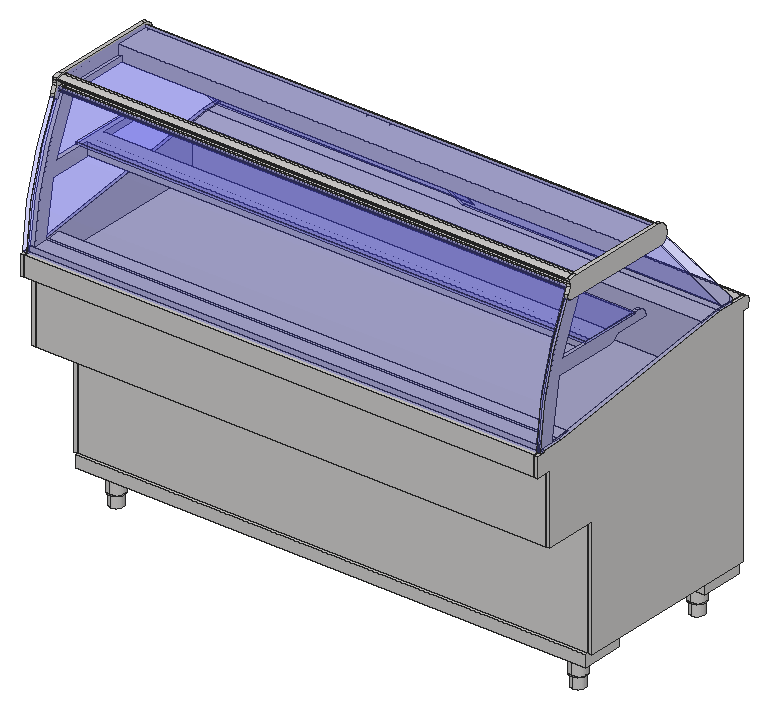
Revit family "Food-Service-Equipment_Oscartek_CIIDPC1700", category Specialty Equipment, Revit 2026
Family settings
  Round Connector Dimension = Use Diameter
  Part Type = Normal
  Classification Number = 23.40.40.11
  Work Plane-Based = No
  Enable Cutting in Views = No
  Always vertical = Yes
  Cut with Voids When Loaded = No
  Maintain Annotation Orientation = No
  Shared = No
  Room Calculation Point = No
Parameters
  Width = 67 41/128"  # constant formula
  Weight in Pounds = 299
  Watts = if(Phase = 3, Volts * FL Amps * 1.73, Volts * FL Amps)  # 1560 W
  Waste Water Discharge Temperature [instance] = -459.67 °F
  Volts = 120 V
  URL Cutsheet = "www.oscartek.com"
  URL = "www.oscartek.com"
  Type Mark [instance] = ""
  Type Comments = "As Specified"
  Test Data = "http://www.oscartek.com/company/clients.php"
  Status [instance] = ""
  Specification by User [instance] = ""
  Specification by Manufacturer = ""
  Specification = "https://www.arcat.com/arcatcos/cos48/arc48760.html"
  Show Clearance [instance] = yes
  Serial Number = ""
  Seismic Rating = ""
  Sales Information = "http://www.oscartek.com/company/contact.php"
  SMACNA No = ""
  Revision Code [instance] = ""
  Revision = "R1_2018-10"
  Product Data = "http://www.oscartek.com/support/manuals/"
  Plumbing Remarks [instance] = ""
  Plumbing Connection Type [instance] = ""
  Phase = 1
  Omniclass Number and Title = ""
  Number of Poles [instance] = 1
  NAFEM Spec ID Number = ""
  Model = "CIIDPC1700"
  Min Ckt Ampacity = 0 A
  Max Overcurrent Protection = 0 A
  Masterspec = ""
  Manufacturer Website = "http://www.oscartek.com/index.php"
  Manufacturer Phone - Toll Free = "855-885-2400"
  Manufacturer Phone = "650-342-2400"
  Manufacturer Fax = "650-342-7400"
  Manufacturer Address = "361 Beach Rd., Burlingame, CA 94010"
  Manufacturer = "OSCARTEK"
  Light Length = Width - 2"  # 65 41/128"
  Item Number [instance] = ""
  Installed By [instance] = ""
  Installation-Fabrication = "http://www.oscartek.com/support/manuals/"
  Indirect Waste Size = 1"  # constant formula
  Indirect Waste Flow [instance] = 0 GPM
  Indirect Waste Connection Type [instance] = ""
  Indirect Waste Connection Height = 0"
  Identify Quantity as Lot [instance] = yes
  HP = ""
  Green Building-LEED = "https://www.arcat.com/green/green_building.shtml"
  Furnished By [instance] = ""
  Foodservice Equipment Identifier [instance] = yes
  FL Amps = 13 A
  Electrical Remarks [instance] = ""
  Electric Connection Type [instance] = ""
  Elec Conn RI Height [instance] = 0"
  Elec Conn Connection Height [instance] = 0"
  Drawn By = "Sumex Design, Inc. / Robert S. Weygant, CSI, CDT, SCIP"
  Direct Waste Size = 0"
  Direct Waste RI Height [instance] = 0"
  Direct Waste Flow [instance] = 0 GPM
  Direct Waste Connection Height = 0"
  Description = "CLASSIC II DELI/PASTRY/CHOCOLATE SHOWCASE"
  Default Elevation = 0"
  Cycle = 60 Hz
  Copyright = "©Arcat Inc."
  Construction Details = "http://www.oscartek.com/support/manuals/"
  Conn Plug = ""
  Conn Conduit = yes
  Category = ""
  CSI MasterFormat = "11 41 33"
  CSI Master Format = "Foodservice Shelving"
  Building Codes = "https://www.arcat.com/arcatcos/cos48/arc48760.html"
  Apparent Power = if(Phase = 3, Volts * FL Amps * 1.73, Volts * FL Amps)  # 1560 VA
Reference planes (in)
  plane 1 "BACK": y = 0
  plane 2: z = 0
  plane 3 "LEFT": x = 0
  plane 4 "RIGHT": x = 67.32031
  plane 5 "FRONT": y = -34.19168
  plane 6 "TOP": z = 51.11594
  plane 7 "Center Y": x = 33.66016
  plane 8 "Center X": y = -17.09584
Forms (in)
  Extrusion 1, solid, material "QF_Finishes_Stainless Steel"
    sketch origin (0, 0, 0) x (0, 1, 0) y (0, 0, 1)
      loop
        line (-0.86602, 5.9055) -> (-0.86602, 35.07867) -> (0, 35.07867) -> (0, 36.22827)
        arc (0, 36.22827) -> (-0.12454, 36.52893) -> (-0.4252, 36.65347) r 0.4252
        line (-0.4252, 36.65347) -> (-4.45826, 36.65347) -> (-30.27218, 33.02556) -> (-33.13912, 33.02556) -> (-33.13912, 32.8116) -> (-34.19168, 32.8116) -> (-34.19168, 30.24984) -> (-32.2834, 30.24984) -> (-32.2834, 21.29917) -> (-25.47227, 21.29917) -> (-25.47227, 5.9055) -> (-0.86602, 5.9055)
    from 0 to 0.5
  Extrusion 2, solid, material "QF_Finishes_Stainless Steel"
    sketch origin (0, 0, 0) x (0, 1, 0) y (0, 0, 1)
      loop
        line (-0.86602, 5.9055) -> (-0.86602, 21.2805) -> (-0.61602, 21.2805) -> (-0.61602, 35.07867) -> (0, 35.07867) -> (0, 36.22827)
        arc (0, 36.22827) -> (-0.12454, 36.52893) -> (-0.4252, 36.65347) r 0.4252
        line (-0.4252, 36.65347) -> (-4.45826, 36.65347) -> (-6.94267, 36.30431) -> (-6.94267, 30.29917) -> (-28.73821, 30.29917) -> (-28.73821, 33.24115) -> (-30.27218, 33.02556) -> (-31.25978, 33.02556) -> (-31.25978, 33.4585) -> (-33.26081, 33.4585) -> (-33.26081, 32.8116) -> (-34.19168, 32.8116) -> (-34.19168, 30.24984) -> (-32.2834, 30.24984) -> (-32.2834, 21.29917) -> (-25.47227, 21.29917) -> (-25.47227, 5.9055) -> (-25.86597, 5.9055) -> (-25.86597, 4.37401) -> (-20.35417, 4.37401) -> (-20.35417, 5.9055) -> (-6.49593, 5.9055) -> (-6.49593, 4.37401) -> (-0.98413, 4.37401) -> (-0.98413, 5.9055) -> (-0.86602, 5.9055)
      loop
        line (-15.04164, 48.75374) -> (-15.04164, 50.47363) -> (-14.44714, 50.47363) -> (-14.44714, 51.11594) -> (-14.57273, 51.11594) -> (-14.57273, 50.72224) -> (-18.94714, 50.72224) -> (-18.94714, 48.75374) -> (-18.44714, 48.75374) -> (-18.44714, 50.1546) -> (-15.87038, 50.1546) -> (-15.87038, 48.75374) -> (-15.04164, 48.75374)
      loop
        arc (-28.15535, 50.2947) -> (-28.12477, 50.24277) -> (-28.13986, 50.18443) r 0.07874
        line (-28.13986, 50.18443) -> (-28.24176, 50.0492)
        arc (-28.24176, 50.0492) -> (-28.5284, 49.99523) -> (-28.50126, 49.70482) r 0.21654
        line (-28.50126, 49.70482) -> (-28.57971, 49.60072) -> (-28.57971, 49.50229)
        arc (-28.57971, 49.50229) -> (-28.57395, 49.48837) -> (-28.56003, 49.48261) r 0.01969
        line (-28.56003, 49.48261) -> (-28.20303, 49.48261)
        arc (-28.20303, 49.48261) -> (-28.18911, 49.48837) -> (-28.18334, 49.50229) r 0.01969
        line (-28.18334, 49.50229) -> (-28.18334, 49.56063)
        arc (-28.18334, 49.56063) -> (-28.07507, 49.83713) -> (-27.96681, 49.56063) r 0.15945
        line (-27.96681, 49.56063) -> (-27.96681, 49.50229)
        arc (-27.96681, 49.50229) -> (-27.96104, 49.48837) -> (-27.94712, 49.48261) r 0.01969
        line (-27.94712, 49.48261) -> (-27.62035, 49.48261)
        arc (-27.62035, 49.48261) -> (-27.60643, 49.48837) -> (-27.60067, 49.50229) r 0.01969
        line (-27.60067, 49.50229) -> (-27.60067, 50.63366) -> (-27.08886, 50.63366) -> (-27.08886, 50.7124) -> (-27.60067, 50.7124) -> (-27.60067, 51.11646)
        arc (-27.60067, 51.11646) -> (-27.6122, 51.1443) -> (-27.64004, 51.15583) r 0.03937
        line (-27.64004, 51.15583) -> (-27.87626, 51.15583)
        arc (-27.87626, 51.15583) -> (-28.37871, 51.09963) -> (-28.85444, 50.92844) r 2.16535
        arc (-28.85444, 50.92844) -> (-28.8869, 50.88099) -> (-28.86363, 50.82842) r 0.05906
        line (-28.86363, 50.82842) -> (-28.15535, 50.2947)
      loop
        line (-21.94714, 41.96489) -> (-24.56191, 41.96489) -> (-24.56191, 40.46489) -> (-24.06191, 40.46489) -> (-24.06191, 41.46489) -> (-22.44714, 41.46489) -> (-22.44714, 40.46489) -> (-21.94714, 40.46489) -> (-21.94714, 41.96489)
    from 0.5 to 66.82031
  Extrusion 3, solid, material "QF_Finishes_Stainless Steel"
    sketch origin (67.32031, 0, 0) x (0, -1, 0) y (0, 0, 1)
      loop
        line (0.86602, 35.07867) -> (0.86602, 5.9055) -> (25.47227, 5.9055) -> (25.47227, 21.29917) -> (32.2834, 21.29917) -> (32.2834, 30.24984) -> (34.19168, 30.24984) -> (34.19168, 32.8116) -> (33.13912, 32.8116) -> (33.13912, 33.02556) -> (30.27218, 33.02556) -> (4.45826, 36.65347) -> (0.4252, 36.65347)
        arc (0.4252, 36.65347) -> (0.12454, 36.52893) -> (0, 36.22827) r 0.4252
        line (0, 36.22827) -> (0, 35.07867) -> (0.86602, 35.07867)
    from 0 to 0.5
  Extrusion 4, solid, material "QF_Finishes_Stainless Steel"
    sketch origin (0, 0, 0) x (0, 1, 0) y (0, 0, 1)
      loop
        line (-28.78177, 48.67234) -> (-14.11644, 48.67234)
        arc (-14.11644, 48.67234) -> (-13.55966, 48.90296) -> (-13.32904, 49.45974) r 0.7874
        line (-13.32904, 49.45974) -> (-13.32904, 49.52781) -> (-13.32904, 50.05029)
        arc (-13.32904, 50.05029) -> (-13.67498, 50.88545) -> (-14.51014, 51.23139) r 1.1811
        line (-14.51014, 51.23139) -> (-27.90909, 51.23139)
        arc (-27.90909, 51.23139) -> (-28.41115, 51.17238) -> (-28.88585, 50.99857) r 2.16535
        arc (-28.88585, 50.99857) -> (-28.95182, 50.9263) -> (-28.95318, 50.82846) r 0.1378
        line (-28.95318, 50.82846) -> (-28.8317, 50.49469)
        arc (-28.8317, 50.49469) -> (-28.80833, 50.34287) -> (-28.84484, 50.19366) r 0.3937
        line (-28.84484, 50.19366) -> (-29.22778, 49.37244)
        arc (-29.22778, 49.37244) -> (-29.26117, 49.0533) -> (-29.09074, 48.78142) r 0.49212
        arc (-29.09074, 48.78142) -> (-28.9456, 48.70041) -> (-28.78177, 48.67234) r 0.49213
    from 0 to 0.5
  Extrusion 5, solid, material "QF_Finishes_Stainless Steel"
    sketch origin (67.32031, 0, 0) x (0, -1, 0) y (0, 0, 1)
      loop
        arc (28.78177, 48.67234) -> (28.9456, 48.70041) -> (29.09074, 48.78142) r 0.49213
        arc (29.09074, 48.78142) -> (29.26117, 49.0533) -> (29.22778, 49.37244) r 0.49212
        line (29.22778, 49.37244) -> (28.84484, 50.19366)
        arc (28.84484, 50.19366) -> (28.80833, 50.34287) -> (28.8317, 50.49469) r 0.3937
        line (28.8317, 50.49469) -> (28.95318, 50.82846)
        arc (28.95318, 50.82846) -> (28.95182, 50.9263) -> (28.88585, 50.99857) r 0.1378
        arc (28.88585, 50.99857) -> (28.41115, 51.17238) -> (27.90909, 51.23139) r 2.16535
        line (27.90909, 51.23139) -> (14.51014, 51.23139)
        arc (14.51014, 51.23139) -> (13.67498, 50.88545) -> (13.32904, 50.05029) r 1.1811
        line (13.32904, 50.05029) -> (13.32904, 49.52781) -> (13.32904, 49.45974)
        arc (13.32904, 49.45974) -> (13.55966, 48.90296) -> (14.11644, 48.67234) r 0.7874
        line (14.11644, 48.67234) -> (28.78177, 48.67234)
    from 0 to 0.5
  Extrusion 6, solid, material "QF_Finishes_Stainless Steel"
    sketch origin (0, 0, 0) x (0, 1, 0) y (0, 0, 1)
      loop
        line (-26.73404, 48.75374) -> (-18.94714, 48.75374) -> (-18.94714, 49.48261) -> (-28.3557, 49.48261)
        arc (-28.3557, 49.48261) -> (-31.60201, 41.72841) -> (-33.11017, 33.4585) r 38.9763
        line (-33.11017, 33.4585) -> (-31.33365, 33.4585)
        arc (-31.33365, 33.4585) -> (-30.91656, 36.86313) -> (-30.18768, 40.21489) r 37.20465
        line (-30.18768, 40.21489) -> (-21.96491, 40.21489)
        arc (-21.96491, 40.21489) -> (-21.48655, 40.31004) -> (-21.08102, 40.581) r 1.25
        line (-21.08102, 40.581) -> (-20.77242, 40.8896)
        arc (-20.77242, 40.8896) -> (-20.55058, 41.03784) -> (-20.2889, 41.08989) r 0.68381
        line (-20.2889, 41.08989) -> (-16.05045, 41.08989)
        arc (-16.05045, 41.08989) -> (-16.37995, 41.88538) -> (-17.17545, 42.21489) r 1.125
        line (-17.17545, 42.21489) -> (-17.67249, 42.21489) -> (-17.67249, 41.96489) -> (-29.67545, 41.96489)
        arc (-29.67545, 41.96489) -> (-28.37392, 45.43261) -> (-26.73404, 48.75374) r 37.20465
    from 0.5 to 1
  Extrusion 7, solid, material "QF_Finishes_Stainless Steel"
    sketch origin (67.32031, 0, 0) x (0, -1, 0) y (0, 0, 1)
      loop
        arc (26.73404, 48.75374) -> (28.37392, 45.43261) -> (29.67545, 41.96489) r 37.20465
        line (29.67545, 41.96489) -> (17.67249, 41.96489) -> (17.67249, 42.21489) -> (17.17545, 42.21489)
        arc (17.17545, 42.21489) -> (16.37995, 41.88538) -> (16.05045, 41.08989) r 1.125
        line (16.05045, 41.08989) -> (20.2889, 41.08989)
        arc (20.2889, 41.08989) -> (20.55058, 41.03784) -> (20.77242, 40.8896) r 0.68381
        line (20.77242, 40.8896) -> (21.08102, 40.581)
        arc (21.08102, 40.581) -> (21.48655, 40.31004) -> (21.96491, 40.21489) r 1.25
        line (21.96491, 40.21489) -> (30.18768, 40.21489)
        arc (30.18768, 40.21489) -> (30.91656, 36.86313) -> (31.33365, 33.4585) r 37.20465
        line (31.33365, 33.4585) -> (33.11017, 33.4585)
        arc (33.11017, 33.4585) -> (31.60201, 41.72841) -> (28.3557, 49.48261) r 38.9763
        line (28.3557, 49.48261) -> (18.94714, 49.48261) -> (18.94714, 48.75374) -> (26.73404, 48.75374)
    from 0.5 to 1
  Extrusion 8, solid, material "Glass"
    sketch origin (0, 0, 0) x (0, 1, 0) y (0, 0, 1)
      loop
        arc (-28.79086, 48.67242) -> (-29.11594, 48.80319) -> (-29.27161, 49.1171) r 0.49212
        arc (-29.27161, 49.1171) -> (-32.40504, 41.20771) -> (-33.77706, 32.8116) r 39.60622
        line (-33.77706, 32.8116) -> (-33.13912, 32.8116) -> (-33.13912, 33.02556) -> (-30.27218, 33.02556) -> (-4.45826, 36.65347) -> (-2.45766, 36.65347) -> (-2.45766, 37.36144) -> (-13.33337, 49.45698)
        arc (-13.33337, 49.45698) -> (-13.56316, 48.90221) -> (-14.11793, 48.67242) r 0.78456
        line (-14.11793, 48.67242) -> (-28.79086, 48.67242)
    from 0 to 0.5
  Extrusion 9, solid, material "Glass"
    sketch origin (67.32031, 0, 0) x (0, -1, 0) y (0, 0, 1)
      loop
        line (28.79086, 48.67242) -> (14.11793, 48.67242)
        arc (14.11793, 48.67242) -> (13.56316, 48.90221) -> (13.33337, 49.45698) r 0.78456
        line (13.33337, 49.45698) -> (2.45766, 37.36144) -> (2.45766, 36.65347) -> (4.45826, 36.65347) -> (30.27218, 33.02556) -> (33.13912, 33.02556) -> (33.13912, 32.8116) -> (33.77706, 32.8116)
        arc (33.77706, 32.8116) -> (32.40504, 41.20771) -> (29.27161, 49.1171) r 39.60622
        arc (29.27161, 49.1171) -> (29.11594, 48.80319) -> (28.79086, 48.67242) r 0.49212
    from 0 to 0.5
  Extrusion 10, solid, material "Glass"
    sketch origin (0, 0, 0) x (0, 1, 0) y (0, 0, 1)
      loop
        line (-33.81146, 32.04143) -> (-33.57539, 32.03319)
        arc (-33.57539, 32.03319) -> (-32.12123, 41.34581) -> (-28.49527, 50.04591) r 39.37
        line (-28.49527, 50.04591) -> (-28.70145, 50.1612)
        arc (-28.70145, 50.1612) -> (-32.34874, 41.40936) -> (-33.81146, 32.04143) r 39.60622
      loop
        line (-27.60067, 50.7124) -> (-14.57273, 50.7124) -> (-14.57273, 51.11594) -> (-27.60067, 51.11594) -> (-27.60067, 50.7124)
      loop
        line (-17.67249, 41.96489) -> (-17.67249, 42.21489) -> (-25.73499, 42.21489) -> (-25.73499, 41.96489) -> (-17.67249, 41.96489)
    from 0.5 to 66.82031
  Extrusion 11, solid, material "Glass"
    sketch origin (67.32031, 0, 0) x (0, -1, 0) y (0, 0, 1)
      loop
        line (3.73184, 36.65347) -> (14.22121, 48.8762) -> (14.10082, 48.97774) -> (3.61234, 36.75603) -> (3.73184, 36.65347)
    from 0.5 to 34.16016
  Extrusion 12, solid, material "QF_Finishes_Stainless Steel"
    sketch origin (0, 0, 0) x (0, 1, 0) y (0, 0, 1)
      loop
        line (-13.94725, 49.50805) -> (-13.7758, 49.65519)
        arc (-13.7758, 49.65519) -> (-13.76195, 49.68195) -> (-13.77109, 49.71067) r 0.03937
        line (-13.77109, 49.71067) -> (-14.31683, 50.3577)
        arc (-14.31683, 50.3577) -> (-14.52427, 50.41922) -> (-14.66288, 50.25308) r 0.19685
        arc (-14.66288, 50.25308) -> (-14.67081, 50.22409) -> (-14.68711, 50.19885) r 0.09842
        arc (-14.68711, 50.19885) -> (-14.61748, 50.06854) -> (-14.58578, 50.21284) r 0.07874
        arc (-14.58578, 50.21284) -> (-14.60044, 50.22984) -> (-14.60344, 50.25208) r 0.03937
        arc (-14.60344, 50.25208) -> (-14.50442, 50.36349) -> (-14.36197, 50.31963) r 0.13779
        line (-14.36197, 50.31963) -> (-14.25188, 50.18911)
        arc (-14.25188, 50.18911) -> (-14.24357, 50.15505) -> (-14.26572, 50.12787) r 0.03937
        arc (-14.26572, 50.12787) -> (-14.34539, 50.06189) -> (-14.38061, 49.96463) r 0.19685
        arc (-14.38061, 49.96463) -> (-14.37577, 49.93034) -> (-14.35669, 49.90144) r 0.07874
        line (-14.35669, 49.90144) -> (-13.94725, 49.50805)
    from 0.5 to 34.16016
  Extrusion 13, solid, material "QF_Finishes_Stainless Steel"
    sketch origin (67.32031, 0, 0) x (0, -1, 0) y (0, 0, 1)
      loop
        line (14.24976, 48.85212) -> (14.65972, 49.23931)
        arc (14.65972, 49.23931) -> (14.67905, 49.26805) -> (14.68418, 49.3023) r 0.07874
        arc (14.68418, 49.3023) -> (14.6498, 49.39986) -> (14.57069, 49.46652) r 0.19685
        arc (14.57069, 49.46652) -> (14.54878, 49.49388) -> (14.55738, 49.52787) r 0.03937
        line (14.55738, 49.52787) -> (14.66858, 49.65745)
        arc (14.66858, 49.65745) -> (14.8114, 49.70008) -> (14.90946, 49.58783) r 0.13779
        arc (14.90946, 49.58783) -> (14.90627, 49.56561) -> (14.89147, 49.54875) r 0.03937
        arc (14.89147, 49.54875) -> (14.92193, 49.40418) -> (14.99267, 49.53389) r 0.07874
        arc (14.99267, 49.53389) -> (14.97659, 49.55927) -> (14.96891, 49.58833) r 0.09842
        arc (14.96891, 49.58833) -> (14.83172, 49.75564) -> (14.62376, 49.6959) r 0.19685
        line (14.62376, 49.6959) -> (14.07251, 49.05356)
        arc (14.07251, 49.05356) -> (14.06313, 49.02492) -> (14.07675, 48.99804) r 0.03937
        line (14.07675, 48.99804) -> (14.24976, 48.85212)
    from 0.5 to 34.16016
  Extrusion 14, solid, material "Glass"
    sketch origin (0, 0, 0) x (0, 1, 0) y (0, 0, 1)
      loop
        line (-13.7997, 49.63468) -> (-13.91921, 49.53212) -> (-3.05681, 36.65347) -> (-2.93643, 36.755) -> (-13.7997, 49.63468)
    from 0.5 to 34.16016
  Revolve 15, solid, material "QF_Finishes_Stainless Steel"
    sketch origin (3.625, 0, 0) x (0, 1, 0) y (0, 0, 1)
      loop
        line (-23.11007, 0) -> (-23.11007, 4.37401) -> (-24.21243, 4.37401) -> (-24.21243, 1.63279)
        arc (-24.21243, 1.63279) -> (-24.16777, 1.52497) -> (-24.05995, 1.48031) r 0.15248
        line (-24.05995, 1.48031) -> (-23.97621, 1.48031) -> (-23.97621, 0) -> (-23.11007, 0)
      axis (-23.11007, 4.37401) -> (-23.11007, 0)
    angle from 0 to 360
  Revolve 16, solid, material "QF_Finishes_Stainless Steel"
    sketch origin (3.625, 19.37004, 0) x (0, 1, 0) y (0, 0, 1)
      loop
        line (-23.11007, 0) -> (-23.11007, 4.37401) -> (-24.21243, 4.37401) -> (-24.21243, 1.63279)
        arc (-24.21243, 1.63279) -> (-24.16777, 1.52497) -> (-24.05995, 1.48031) r 0.15248
        line (-24.05995, 1.48031) -> (-23.97621, 1.48031) -> (-23.97621, 0) -> (-23.11007, 0)
      axis (-23.11007, 4.37401) -> (-23.11007, 0)
    angle from 0 to 360
  Revolve 17, solid, material "QF_Finishes_Stainless Steel"
    sketch origin (63.69531, 0, 0) x (0, 1, 0) y (0, 0, -1)
      loop
        line (-23.11007, 0) -> (-23.97621, 0) -> (-23.97621, -1.48031) -> (-24.05995, -1.48031)
        arc (-24.05995, -1.48031) -> (-24.16777, -1.52497) -> (-24.21243, -1.63279) r 0.15248
        line (-24.21243, -1.63279) -> (-24.21243, -4.37401) -> (-23.11007, -4.37401) -> (-23.11007, 0)
      axis (-23.11007, -4.37401) -> (-23.11007, 0)
    angle from 0 to 360
  Revolve 18, solid, material "QF_Finishes_Stainless Steel"
    sketch origin (63.69531, 19.37004, 0) x (0, 1, 0) y (0, 0, -1)
      loop
        line (-23.11007, 0) -> (-23.97621, 0) -> (-23.97621, -1.48031) -> (-24.05995, -1.48031)
        arc (-24.05995, -1.48031) -> (-24.16777, -1.52497) -> (-24.21243, -1.63279) r 0.15248
        line (-24.21243, -1.63279) -> (-24.21243, -4.37401) -> (-23.11007, -4.37401) -> (-23.11007, 0)
      axis (-23.11007, -4.37401) -> (-23.11007, 0)
    angle from 0 to 360
  Extrusion 19, solid, material "QF_Finishes_Door Clearance", visible <- "Show Clearance", detail levels coarse
    sketch origin (0, 0, 0) x (0, 1, 0) y (0, 0, 1)
      loop
        arc (-28.70145, 50.1612) -> (-43.01075, 48.46737) -> (-51.93123, 37.15145) r 18.82653
        line (-51.93123, 37.15145) -> (-33.81146, 32.04143)
        arc (-33.81146, 32.04143) -> (-32.34874, 41.40936) -> (-28.70145, 50.1612) r 39.60622
    from 0.5 to 66.82031
  Extrusion 20, solid, material "QF_Finishes_Stainless Steel"
    sketch origin (0, -0.61602, 35.07867) x (0, 0, -1) y (-1, 0, 0)
      loop
        line (13.79817, -64.68585) -> (13.79817, -48.68585) -> (10.79817, -48.68585) -> (10.79817, -64.68585) -> (13.79817, -64.68585)
    from 0 to 0.25
  Extrusion 21, solid, material "QF_Finishes_Stainless Steel"
    sketch origin (0, -24.08635, 30.29917) x (0, 1, 0) y (-1, 0, 0)
      loop
        circle (16.21135, -63.50781) r 0.5
      loop
        circle (16.21135, -3.8125) r 0.5
    from -0.5 to -1
Cuts and joins
  joined: Extrusion 2, Extrusion 6, Extrusion 7
Lines and regions (in)
  Split face 1
    outline origin (11.25, -0.86602, 21.24012) x (0, 0, -1) y (-1, 0, 0)
      loop
        line (3.37033, -50.50081) -> (14.12033, -50.50081) -> (14.12033, -48.75081) -> (3.37033, -48.75081) -> (3.37033, -50.50081)
  Split face 2
    outline origin (9.125, -0.86602, 21.24012) x (0, 0, -1) y (-1, 0, 0)
      loop
        line (3.37033, -50.50081) -> (14.12033, -50.50081) -> (14.12033, -48.75081) -> (3.37033, -48.75081) -> (3.37033, -50.50081)
  Split face 3
    outline origin (7, -0.86602, 21.24012) x (0, 0, -1) y (-1, 0, 0)
      loop
        line (3.37033, -50.50081) -> (14.12033, -50.50081) -> (14.12033, -48.75081) -> (3.37033, -48.75081) -> (3.37033, -50.50081)
  Split face 4
    outline origin (4.875, -0.86602, 21.24012) x (0, 0, -1) y (-1, 0, 0)
      loop
        line (3.37033, -50.50081) -> (14.12033, -50.50081) -> (14.12033, -48.75081) -> (3.37033, -48.75081) -> (3.37033, -50.50081)
  Split face 5
    outline origin (0, -0.36602, 35.07867) x (0, 0, -1) y (-1, 0, 0)
      loop
        line (11.64575, -60.27366) -> (12.89575, -60.27366) -> (12.89575, -53.77366) -> (11.64575, -53.77366) -> (11.64575, -60.27366)
  Split face 6
    outline origin (22, -0.86602, 21.24012) x (0, 0, -1) y (-1, 0, 0)
      loop
        line (14.12033, -31.1805) -> (14.12033, -29.4305) -> (5.12033, -29.4305) -> (3.37033, -31.1805) -> (14.12033, -31.1805)
  symbolic lines
    curve 1: line (0, 0, 0) -> (33.64832, 0, 0)
    curve 2: line (0, -34.19168, 0) -> (0, 0, 0)
    curve 3: line (33.66016, -34.19168, 0) -> (0, -34.19168, 0)
    curve 4: line (0.5, 0, 0) -> (0.5, -34.19168, 0)
    curve 5: line (33.66016, -34.19168, 0) -> (67.32031, -34.19168, 0)
    curve 6: line (66.82031, 0, 0) -> (66.82031, -34.19168, 0)
    curve 7: line (67.32031, 0, 0) -> (33.64832, 0, 0)
    curve 8: line (67.32031, -34.19168, 0) -> (67.32031, 0, 0)
    curve 9: line (0.5, -2.45766, 0) -> (0, -2.45766, 0)
    curve 10: line (0, -13.33337, 0) -> (0.5, -13.33337, 0)
    curve 11: line (0.5, -29.27161, 0) -> (0, -29.27161, 0)
    curve 12: line (0, -33.77706, 0) -> (0.5, -33.77706, 0)
    curve 13: line (66.82031, -33.77706, 0) -> (67.32031, -33.77706, 0)
    curve 14: line (67.32031, -29.27161, 0) -> (66.82031, -29.27161, 0)
    curve 15: line (66.82031, -13.33337, 0) -> (67.32031, -13.33337, 0)
    curve 16: line (67.32031, -2.45766, 0) -> (66.82031, -2.45766, 0)
    curve 17: line (0.5, -2.93643, 0) -> (34.16016, -2.93643, 0)
    curve 18: line (34.16016, -2.93643, 0) -> (34.16016, -14.44714, 0)
    curve 19: line (66.82031, -14.57273, 0) -> (0.5, -14.57273, 0)
    curve 20: line (66.82031, -14.44714, 0) -> (0.5, -14.44714, 0)
    curve 21: line (0.5, -13.7758, 0) -> (34.16016, -13.7758, 0)
    curve 22: line (34.16016, -14.07675, 0) -> (66.82031, -14.07675, 0)
    curve 23: line (34.16016, -3.61234, 0) -> (66.82031, -3.61234, 0)
    curve 24: line (0.5, -27.60067, 0) -> (66.82031, -27.60067, 0)
    curve 25: line (0.5, -27.87626, 0) -> (66.82031, -27.87626, 0)
  symbolic lines, style "QF-Surface Details"
    curve 26: line (11.72034, -9.27095, 0) -> (13.75876, -7.23252, 0)
    curve 27: line (11.75463, -10.03168, 0) -> (14.93661, -6.8497, 0)
    curve 28: line (13.15229, -9.37814, 0) -> (15.09683, -7.43359, 0)
    curve 29: line (51.13049, -9.27095, 0) -> (53.16892, -7.23252, 0)
    curve 30: line (51.16479, -10.03168, 0) -> (54.34677, -6.8497, 0)
    curve 31: line (52.56244, -9.37814, 0) -> (54.50699, -7.43359, 0)
    curve 32: line (11.72034, -22.02095, 0) -> (13.75876, -19.98252, 0)
    curve 33: line (11.75463, -22.78168, 0) -> (14.93661, -19.5997, 0)
    curve 34: line (13.15229, -22.12814, 0) -> (15.09683, -20.18359, 0)
    curve 35: line (51.13049, -22.02095, 0) -> (53.16892, -19.98252, 0)
    curve 36: line (51.16479, -22.78168, 0) -> (54.34677, -19.5997, 0)
    curve 37: line (52.56244, -22.12814, 0) -> (54.50699, -20.18359, 0)
    curve 41: line (11.72034, -32.02095, 0) -> (13.75876, -29.98252, 0)
    curve 42: line (11.75463, -32.78168, 0) -> (14.93661, -29.5997, 0)
    curve 43: line (13.15229, -32.12814, 0) -> (15.09683, -30.18359, 0)
    curve 44: line (51.13049, -32.02095, 0) -> (53.16892, -29.98252, 0)
    curve 45: line (51.16479, -32.78168, 0) -> (54.34677, -29.5997, 0)
    curve 46: line (52.56244, -32.12814, 0) -> (54.50699, -30.18359, 0)
    curve 47: line (31.39849, -22.02095, 0) -> (33.43691, -19.98252, 0)
    curve 48: line (31.43278, -22.78168, 0) -> (34.61476, -19.5997, 0)
    curve 49: line (32.83044, -22.12814, 0) -> (34.77498, -20.18359, 0)
    curve 50: line (31.39849, -32.02095, 0) -> (33.43691, -29.98252, 0)
    curve 51: line (31.43278, -32.78168, 0) -> (34.61476, -29.5997, 0)
    curve 52: line (32.83044, -32.12814, 0) -> (34.77498, -30.18359, 0)
  symbolic lines, style "QF-Door Swings"
    curve 38: line (0.5, -51.93123, 0) -> (66.82031, -51.93123, 0)
    curve 39: line (0.5, -34.19168, 0) -> (0.5, -51.93123, 0)
    curve 40: line (66.82031, -51.93123, 0) -> (66.82031, -34.19168, 0)
Dimensions and locks (in)
  equal spacing: plane 3 "LEFT", plane 7 "Center Y", plane 4 "RIGHT"
  "Width": plane 3 "LEFT" to plane 4 "RIGHT"
  equal spacing: plane 5 "FRONT", plane 8 "Center X", plane 1 "BACK"
  plane 5 "FRONT" to plane 1 "BACK" = 34.19168"  (x2)
  locked: Extrusion 2 to plane 4 "RIGHT" at 0.5
  locked: Extrusion 10 to plane 4 "RIGHT" at 0.5
  Extrusion 14 to plane 7 "Center Y" to Extrusion 11 = 1/2" locked, 1/2" locked
  locked: Revolve 17 to plane 4 "RIGHT" at 3.625
  locked: Revolve 18 to plane 4 "RIGHT" at 3.625
  locked: Extrusion 19 to plane 4 "RIGHT" at 0.5
  plane 6 "TOP" to level = 51.11594"
  aligned and locked: level to plane 2
  aligned and locked: Extrusion 12 to Extrusion 14
  aligned and locked: Extrusion 11 to Extrusion 13
  aligned and locked: plane 7 "Center Y" to nested 1
  aligned and locked: plane 7 "Center Y" to nested 2
Automatic sketch dimensions
  Extrusion 1 sketch curve to plane 5 "FRONT" = 0"
  Extrusion 1 sketch curve to plane 1 "BACK" = 0"
  Extrusion 1 sketch curve to plane 5 "FRONT" = 1.05256"
  Extrusion 1 sketch curve to plane 5 "FRONT" = 1.90828"
  Extrusion 1 sketch curve to Extrusion 1 sketch curve = 2.86694"
  Extrusion 1 sketch curve to Extrusion 1 sketch curve = 6.81113"
  plane 1 "BACK" to Extrusion 1 sketch curve = 4.45826"
  Extrusion 1 sketch curve to Extrusion 1 sketch curve = 0.86602"
  plane 1 "BACK" to Extrusion 1 sketch curve = 0.4252"
  level to Extrusion 1 sketch curve = 5.9055"
  Extrusion 1 sketch curve to Extrusion 1 sketch curve = 15.39367"
  Extrusion 1 sketch curve to Extrusion 1 sketch curve = 8.95067"
  Extrusion 1 sketch curve to Extrusion 1 sketch curve = 2.56176"
  Extrusion 1 sketch curve to Extrusion 1 sketch curve = 0.21395"
  Extrusion 1 sketch curve to plane 6 "TOP" = 16.03727"
  Extrusion 1 sketch curve to Extrusion 1 sketch curve = 1.1496"
  Extrusion 2 sketch curve to plane 5 "FRONT" = 0"
  Extrusion 2 sketch curve to plane 6 "TOP" = 0"
  Extrusion 2 sketch curve to plane 1 "BACK" = 0"
  Extrusion 2 sketch curve to plane 5 "FRONT" = 0.93087"
  Extrusion 2 sketch curve to plane 5 "FRONT" = 1.90828"
  Extrusion 2 sketch curve to Extrusion 2 sketch curve = 2.00103"
  Extrusion 2 sketch curve to Extrusion 2 sketch curve = 0.9876"
  Extrusion 2 sketch curve to plane 6 "TOP" = 0.28752"
  Extrusion 2 sketch curve to plane 5 "FRONT" = 5.32805"
  Extrusion 2 sketch curve to Extrusion 2 sketch curve = 0.00919"
  Extrusion 2 sketch curve to Extrusion 2 sketch curve = 0"  (x2)
  Extrusion 2 sketch curve to Extrusion 2 sketch curve = 0.03554"
  Extrusion 2 sketch curve to Extrusion 2 sketch curve = 1.53397"
  Extrusion 2 sketch curve to Extrusion 2 sketch curve = 0.28392"
  Extrusion 2 sketch curve to Extrusion 2 sketch curve = 0.01969"  (x4)
  Extrusion 2 sketch curve to Extrusion 2 sketch curve = 0.07845"
  Extrusion 2 sketch curve to Extrusion 2 sketch curve = 0.1458"
  Extrusion 2 sketch curve to plane 6 "TOP" = 1.06674"
  Extrusion 2 sketch curve to Extrusion 2 sketch curve = 0.11371"
  Extrusion 2 sketch curve to Extrusion 2 sketch curve = 0.357"
  Extrusion 2 sketch curve to Extrusion 2 sketch curve = 0.03902"
  Extrusion 2 sketch curve to Extrusion 2 sketch curve = 0.04739"  (x2)
  Extrusion 2 sketch curve to plane 6 "TOP" = 0.93151"
  Extrusion 2 sketch curve to Extrusion 2 sketch curve = 0.06288"
  Extrusion 2 sketch curve to Extrusion 2 sketch curve = 0.10827"  (x2)
  Extrusion 2 sketch curve to Extrusion 2 sketch curve = 0.01968"
  Extrusion 2 sketch curve to Extrusion 2 sketch curve = 0.0587"
  Extrusion 2 sketch curve to Extrusion 2 sketch curve = 0.2791"
  Extrusion 2 sketch curve to Extrusion 2 sketch curve = 0.23622"
  Extrusion 2 sketch curve to Extrusion 2 sketch curve = 0.32677"
  plane 6 "TOP" to Extrusion 2 sketch curve = 0.00052"
  Extrusion 2 sketch curve to Extrusion 2 sketch curve = 0.03937"
  Extrusion 2 sketch curve to Extrusion 2 sketch curve = 0.51181"
  Extrusion 2 sketch curve to plane 5 "FRONT" = 8.32572"
  Extrusion 2 sketch curve to Extrusion 2 sketch curve = 6.81113"
  Extrusion 2 sketch curve to plane 8 "Center X" = 7.46607"
  Extrusion 2 sketch curve to Extrusion 2 sketch curve = 1/2"  (x4)
  Extrusion 2 sketch curve to Extrusion 2 sketch curve = 1.61477"
  Extrusion 2 sketch curve to plane 8 "Center X" = 3.25833"
  Extrusion 2 sketch curve to plane 8 "Center X" = 1.8513"
  plane 8 "Center X" to Extrusion 2 sketch curve = 1.22547"
  Extrusion 2 sketch curve to Extrusion 2 sketch curve = 0.82874"
  Extrusion 2 sketch curve to Extrusion 2 sketch curve = 0.4689"
  Extrusion 2 sketch curve to Extrusion 2 sketch curve = 0.12559"
  plane 1 "BACK" to Extrusion 2 sketch curve = 6.94267"
  plane 1 "BACK" to Extrusion 2 sketch curve = 6.49593"
  Extrusion 2 sketch curve to Extrusion 2 sketch curve = 2.48441"
  plane 1 "BACK" to Extrusion 2 sketch curve = 0.98413"
  plane 1 "BACK" to Extrusion 2 sketch curve = 0.86602"
  Extrusion 2 sketch curve to Extrusion 2 sketch curve = 0.61602"
  plane 1 "BACK" to Extrusion 2 sketch curve = 0.4252"
  Extrusion 2 sketch curve to plane 6 "TOP" = 2.3622"  (x2)
  Extrusion 2 sketch curve to Extrusion 2 sketch curve = 6.78885"
  Extrusion 2 sketch curve to Extrusion 2 sketch curve = 1"  (x2)
  Extrusion 2 sketch curve to plane 6 "TOP" = 14.46247"
  Extrusion 2 sketch curve to Extrusion 2 sketch curve = 0.34916"
  Extrusion 2 sketch curve to Extrusion 2 sketch curve = 1.1496"
  Extrusion 2 sketch curve to Extrusion 2 sketch curve = 7.00639"
  Extrusion 2 sketch curve to Extrusion 2 sketch curve = 0.21735"
  Extrusion 2 sketch curve to Extrusion 2 sketch curve = 0.43294"
  Extrusion 2 sketch curve to Extrusion 2 sketch curve = 0.64689"
  Extrusion 2 sketch curve to Extrusion 2 sketch curve = 2.94198"
  Extrusion 2 sketch curve to Extrusion 2 sketch curve = 2.56176"
  Extrusion 2 sketch curve to Extrusion 2 sketch curve = 8.95067"
  Extrusion 2 sketch curve to Extrusion 2 sketch curve = 9.01867"
  level to Extrusion 2 sketch curve = 5.9055"  (x2)
  Extrusion 2 sketch curve to Extrusion 2 sketch curve = 1.53149"  (x2)
  Extrusion 2 sketch curve to Extrusion 2 sketch curve = 0.56659"
  Extrusion 2 sketch curve to Extrusion 2 sketch curve = 0.05834"
  Extrusion 2 sketch curve to Extrusion 2 sketch curve = 0.09842"
  Extrusion 2 sketch curve to Extrusion 2 sketch curve = 0.11706"
  Extrusion 2 sketch curve to Extrusion 2 sketch curve = 0.10411"
  Extrusion 2 sketch curve to plane 6 "TOP" = 0.96134"
  Extrusion 2 sketch curve to plane 6 "TOP" = 0.64231"
  Extrusion 2 sketch curve to plane 6 "TOP" = 0.48228"
  Extrusion 2 sketch curve to Extrusion 2 sketch curve = 0.07874"
  Extrusion 2 sketch curve to plane 6 "TOP" = 0.3937"
  Extrusion 3 sketch curve to plane 1 "BACK" = 0"
  Extrusion 3 sketch curve to plane 5 "FRONT" = 0"
  plane 1 "BACK" to Extrusion 3 sketch curve = 0.4252"
  plane 1 "BACK" to Extrusion 3 sketch curve = 0.86602"
  Extrusion 3 sketch curve to Extrusion 3 sketch curve = 3.59224"
  Extrusion 3 sketch curve to plane 8 "Center X" = 8.37643"
  Extrusion 3 sketch curve to plane 5 "FRONT" = 3.9195"
  Extrusion 3 sketch curve to plane 5 "FRONT" = 1.90828"
  Extrusion 3 sketch curve to plane 5 "FRONT" = 1.05256"
  level to Extrusion 3 sketch curve = 5.9055"
  Extrusion 3 sketch curve to Extrusion 3 sketch curve = 15.39367"
  Extrusion 3 sketch curve to Extrusion 3 sketch curve = 8.95067"
  Extrusion 3 sketch curve to Extrusion 3 sketch curve = 2.56176"
  Extrusion 3 sketch curve to Extrusion 3 sketch curve = 0.21395"
  Extrusion 3 sketch curve to plane 6 "TOP" = 16.03727"
  Extrusion 3 sketch curve to Extrusion 3 sketch curve = 1.1496"
  Extrusion 4 sketch curve to Extrusion 4 sketch curve = 0"  (x3)
  Extrusion 4 sketch curve to plane 6 "TOP" = 1.7435"
  Extrusion 4 sketch curve to plane 5 "FRONT" = 4.9639"
  Extrusion 4 sketch curve to Extrusion 4 sketch curve = 0.02613"
  Extrusion 4 sketch curve to Extrusion 4 sketch curve = 0.13704"
  Extrusion 4 sketch curve to Extrusion 4 sketch curve = 0.24848"
  Extrusion 4 sketch curve to plane 6 "TOP" = 0.11737"
  Extrusion 4 sketch curve to Extrusion 4 sketch curve = 0.06733"
  Extrusion 4 sketch curve to Extrusion 4 sketch curve = 0.35681"
  Extrusion 4 sketch curve to Extrusion 4 sketch curve = 0.01314"
  Extrusion 4 sketch curve to Extrusion 4 sketch curve = 0.06216"
  Extrusion 4 sketch curve to Extrusion 4 sketch curve = 0.30898"
  Extrusion 4 sketch curve to Extrusion 4 sketch curve = 0.87268"
  plane 8 "Center X" to Extrusion 4 sketch curve = 2.5857"
  Extrusion 4 sketch curve to Extrusion 4 sketch curve = 0.3937"
  Extrusion 4 sketch curve to Extrusion 4 sketch curve = 0.7874"
  Extrusion 4 sketch curve to Extrusion 4 sketch curve = 0.20798"
  Extrusion 4 sketch curve to Extrusion 4 sketch curve = 0.09843"
  Extrusion 4 sketch curve to Extrusion 4 sketch curve = 0.06807"
  Extrusion 4 sketch curve to Extrusion 4 sketch curve = 0.6348"
  Extrusion 4 sketch curve to Extrusion 4 sketch curve = 0.16638"
  Extrusion 5 sketch curve to Extrusion 5 sketch curve = 0"  (x3)
  Extrusion 5 sketch curve to plane 6 "TOP" = 1.06565"
  plane 8 "Center X" to Extrusion 5 sketch curve = 3.7668"
  Extrusion 5 sketch curve to Extrusion 5 sketch curve = 0.7874"
  Extrusion 5 sketch curve to Extrusion 5 sketch curve = 0.3937"
  Extrusion 5 sketch curve to plane 5 "FRONT" = 6.28259"
  Extrusion 5 sketch curve to Extrusion 5 sketch curve = 0.87268"
  Extrusion 5 sketch curve to plane 6 "TOP" = 0.24035"
  Extrusion 5 sketch curve to Extrusion 5 sketch curve = 0.91461"
  Extrusion 5 sketch curve to plane 6 "TOP" = 0.62125"
  Extrusion 5 sketch curve to Extrusion 5 sketch curve = 0.008"
  Extrusion 5 sketch curve to Extrusion 5 sketch curve = 0.01314"
  Extrusion 5 sketch curve to plane 6 "TOP" = 0.11737"
  Extrusion 5 sketch curve to Extrusion 5 sketch curve = 0.12948"
  Extrusion 5 sketch curve to Extrusion 5 sketch curve = 0.30898"
  Extrusion 5 sketch curve to Extrusion 5 sketch curve = 0.35681"
  Extrusion 5 sketch curve to plane 6 "TOP" = 1.7435"
  Extrusion 5 sketch curve to Extrusion 5 sketch curve = 0.44602"
  Extrusion 5 sketch curve to Extrusion 5 sketch curve = 0.59102"
  Extrusion 5 sketch curve to Extrusion 5 sketch curve = 0.06807"
  Extrusion 5 sketch curve to Extrusion 5 sketch curve = 0.30104"
  Extrusion 6 sketch curve to Extrusion 6 sketch curve = 0"  (x6)
  Extrusion 6 sketch curve to plane 5 "FRONT" = 1.08151"
  Extrusion 6 sketch curve to Extrusion 6 sketch curve = 1.77652"
  Extrusion 6 sketch curve to plane 5 "FRONT" = 4.004"
  Extrusion 6 sketch curve to Extrusion 6 sketch curve = 0.51223"
  Extrusion 6 sketch curve to plane 6 "TOP" = 1.63333"
  Extrusion 6 sketch curve to plane 5 "FRONT" = 5.83598"
  Extrusion 6 sketch curve to Extrusion 6 sketch curve = 1.62166"
  Extrusion 6 sketch curve to plane 8 "Center X" = 4.86907"
  Extrusion 6 sketch curve to Extrusion 6 sketch curve = 0.88388"
  Extrusion 6 sketch curve to Extrusion 6 sketch curve = 79/256"  (x2)
  Extrusion 6 sketch curve to Extrusion 6 sketch curve = 0.48353"
  Extrusion 6 sketch curve to plane 8 "Center X" = 1.8513"
  Extrusion 6 sketch curve to plane 8 "Center X" = 0.57664"
  Extrusion 6 sketch curve to plane 8 "Center X" = 0.07961"
  plane 8 "Center X" to Extrusion 6 sketch curve = 1.04539"
  Extrusion 6 sketch curve to plane 1 "BACK" = 5.76421"
  Extrusion 6 sketch curve to Extrusion 6 sketch curve = 0.72887"
  Extrusion 6 sketch curve to Extrusion 6 sketch curve = 6.53885"
  Extrusion 6 sketch curve to Extrusion 6 sketch curve = 6.78885"
  Extrusion 6 sketch curve to Extrusion 6 sketch curve = 1 1/4"
  Extrusion 7 sketch curve to Extrusion 7 sketch curve = 0"  (x6)
  Extrusion 7 sketch curve to plane 1 "BACK" = 5.76421"
  plane 8 "Center X" to Extrusion 7 sketch curve = 1.04539"
  Extrusion 7 sketch curve to plane 8 "Center X" = 0.07961"
  Extrusion 7 sketch curve to Extrusion 7 sketch curve = 0.49704"
  Extrusion 7 sketch curve to plane 8 "Center X" = 1.8513"
  Extrusion 7 sketch curve to Extrusion 7 sketch curve = 2.61641"
  Extrusion 7 sketch curve to Extrusion 7 sketch curve = 0.48353"
  Extrusion 7 sketch curve to Extrusion 7 sketch curve = 79/256"  (x2)
  Extrusion 7 sketch curve to Extrusion 7 sketch curve = 0.88388"
  Extrusion 7 sketch curve to plane 6 "TOP" = 2.3622"
  Extrusion 7 sketch curve to plane 5 "FRONT" = 7.45764"
  Extrusion 7 sketch curve to Extrusion 7 sketch curve = 1.62166"
  Extrusion 7 sketch curve to plane 5 "FRONT" = 4.51624"
  Extrusion 7 sketch curve to Extrusion 7 sketch curve = 0.51223"
  Extrusion 7 sketch curve to plane 5 "FRONT" = 2.85803"
  Extrusion 7 sketch curve to plane 5 "FRONT" = 1.08151"
  Extrusion 7 sketch curve to Extrusion 7 sketch curve = 6.53885"
  Extrusion 7 sketch curve to Extrusion 7 sketch curve = 6.78885"
  Extrusion 7 sketch curve to Extrusion 7 sketch curve = 3/8"
  Extrusion 7 sketch curve to Extrusion 7 sketch curve = 0.20028"
  Extrusion 8 sketch curve to plane 5 "FRONT" = 0.41462"
  Extrusion 8 sketch curve to Extrusion 8 sketch curve = 0.63794"
  Extrusion 8 sketch curve to Extrusion 8 sketch curve = 2.86694"
  Extrusion 8 sketch curve to plane 6 "TOP" = 1.99884"
  Extrusion 8 sketch curve to plane 5 "FRONT" = 4.92008"
  Extrusion 8 sketch curve to Extrusion 8 sketch curve = 0.48074"
  Extrusion 8 sketch curve to Extrusion 8 sketch curve = 0.48984"
  plane 8 "Center X" to Extrusion 8 sketch curve = 2.97791"
  Extrusion 8 sketch curve to Extrusion 8 sketch curve = 0.78456"
  plane 1 "BACK" to Extrusion 8 sketch curve = 4.45826"
  Extrusion 8 sketch curve to Extrusion 8 sketch curve = 2.00059"
  Extrusion 8 sketch curve to plane 1 "BACK" = 5.77063"
  Extrusion 8 sketch curve to Extrusion 8 sketch curve = 0.44468"
  Extrusion 8 sketch curve to plane 6 "TOP" = 13.7545"
  Extrusion 8 sketch curve to Extrusion 8 sketch curve = 0.70797"
  Extrusion 8 sketch curve to Extrusion 8 sketch curve = 15.64686"
  Extrusion 8 sketch curve to Extrusion 8 sketch curve = 0.21395"
  Extrusion 9 sketch curve to plane 1 "BACK" = 5.77063"
  plane 1 "BACK" to Extrusion 9 sketch curve = 2.45766"
  Extrusion 9 sketch curve to Extrusion 9 sketch curve = 2.00059"
  Extrusion 9 sketch curve to plane 6 "TOP" = 1.65896"
  plane 8 "Center X" to Extrusion 9 sketch curve = 3.76247"
  Extrusion 9 sketch curve to Extrusion 9 sketch curve = 0.78456"
  Extrusion 9 sketch curve to plane 6 "TOP" = 1.95148"
  Extrusion 9 sketch curve to plane 5 "FRONT" = 5.40992"
  Extrusion 9 sketch curve to Extrusion 9 sketch curve = 0.0091"
  Extrusion 9 sketch curve to Extrusion 9 sketch curve = 0.48984"
  Extrusion 9 sketch curve to plane 5 "FRONT" = 3.9195"
  Extrusion 9 sketch curve to plane 5 "FRONT" = 1.05256"
  Extrusion 9 sketch curve to plane 5 "FRONT" = 0.41462"
  Extrusion 9 sketch curve to plane 6 "TOP" = 13.7545"
  Extrusion 9 sketch curve to Extrusion 9 sketch curve = 0.70797"
  Extrusion 9 sketch curve to Extrusion 9 sketch curve = 15.64686"
  Extrusion 9 sketch curve to Extrusion 9 sketch curve = 0.21395"
  Extrusion 10 sketch curve to Extrusion 10 sketch curve = 0"  (x2)
  Extrusion 10 sketch curve to plane 6 "TOP" = 0"
  Extrusion 10 sketch curve to plane 5 "FRONT" = 0.38022"
  Extrusion 10 sketch curve to Extrusion 10 sketch curve = 0.23608"
  Extrusion 10 sketch curve to plane 6 "TOP" = 0.95474"
  Extrusion 10 sketch curve to plane 5 "FRONT" = 5.49023"
  Extrusion 10 sketch curve to Extrusion 10 sketch curve = 0.20618"
  Extrusion 10 sketch curve to Extrusion 10 sketch curve = 0.89461"
  Extrusion 10 sketch curve to Extrusion 10 sketch curve = 2.76029"
  Extrusion 10 sketch curve to plane 8 "Center X" = 0.57664"
  Extrusion 10 sketch curve to plane 6 "TOP" = 0.40354"
  plane 8 "Center X" to Extrusion 10 sketch curve = 2.52311"
  Extrusion 10 sketch curve to plane 1 "BACK" = 5.77063"
  Extrusion 10 sketch curve to Extrusion 10 sketch curve = 0.11529"
  Extrusion 10 sketch curve to Extrusion 10 sketch curve = 7.83102"
  Extrusion 10 sketch curve to Extrusion 10 sketch curve = 1/4"
  Extrusion 10 sketch curve to Extrusion 10 sketch curve = 9.92345"
  plane 1 "BACK" to Extrusion 11 sketch curve = 3.61234"
  Extrusion 11 sketch curve to Extrusion 11 sketch curve = 0.11951"
  plane 8 "Center X" to Extrusion 11 sketch curve = 2.99502"
  Extrusion 11 sketch curve to Extrusion 11 sketch curve = 0.12038"
  Extrusion 11 sketch curve to plane 6 "TOP" = 14.46247"
  Extrusion 11 sketch curve to Extrusion 11 sketch curve = 0.10256"
  Extrusion 11 sketch curve to plane 6 "TOP" = 2.23974"
  Extrusion 11 sketch curve to Extrusion 11 sketch curve = 0.10154"
  Extrusion 12 sketch curve to Extrusion 12 sketch curve = 0"  (x8)
  Extrusion 12 sketch curve to plane 6 "TOP" = 0.85171"
  plane 8 "Center X" to Extrusion 12 sketch curve = 2.33517"
  Extrusion 12 sketch curve to Extrusion 12 sketch curve = 0.07357"
  Extrusion 12 sketch curve to Extrusion 12 sketch curve = 0.02422"
  Extrusion 12 sketch curve to Extrusion 12 sketch curve = 0.05886"
  Extrusion 12 sketch curve to Extrusion 12 sketch curve = 0.05944"
  Extrusion 12 sketch curve to Extrusion 12 sketch curve = 0.01766"
  Extrusion 12 sketch curve to Extrusion 12 sketch curve = 0.0389"
  Extrusion 12 sketch curve to Extrusion 12 sketch curve = 0.09724"
  Extrusion 12 sketch curve to Extrusion 12 sketch curve = 0.08669"
  Extrusion 12 sketch curve to plane 6 "TOP" = 0.79631"
  Extrusion 12 sketch curve to plane 6 "TOP" = 1.2145"
  Extrusion 12 sketch curve to Extrusion 12 sketch curve = 0.02393"
  Extrusion 12 sketch curve to plane 6 "TOP" = 0.75824"
  Extrusion 12 sketch curve to Extrusion 12 sketch curve = 0.07848"
  Extrusion 12 sketch curve to Extrusion 12 sketch curve = 0.07999"
  Extrusion 12 sketch curve to Extrusion 12 sketch curve = 0.01626"
  Extrusion 12 sketch curve to plane 6 "TOP" = 0.92683"
  Extrusion 12 sketch curve to Extrusion 12 sketch curve = 0.03009"  (x2)
  Extrusion 12 sketch curve to Extrusion 12 sketch curve = 0.11772"
  Extrusion 12 sketch curve to Extrusion 12 sketch curve = 0.23717"
  Extrusion 12 sketch curve to Extrusion 12 sketch curve = 0.14607"
  Extrusion 12 sketch curve to Extrusion 12 sketch curve = 0.02538"  (x2)
  Extrusion 12 sketch curve to Extrusion 12 sketch curve = 0.23793"
  Extrusion 12 sketch curve to Extrusion 12 sketch curve = 0.14714"
  Extrusion 13 sketch curve to Extrusion 13 sketch curve = 0"  (x8)
  plane 8 "Center X" to Extrusion 13 sketch curve = 3.02333"
  Extrusion 13 sketch curve to Extrusion 13 sketch curve = 0.00424"
  Extrusion 13 sketch curve to Extrusion 13 sketch curve = 0.02564"
  Extrusion 13 sketch curve to Extrusion 13 sketch curve = 0.17301"
  Extrusion 13 sketch curve to Extrusion 13 sketch curve = 0.38547"
  Extrusion 13 sketch curve to Extrusion 13 sketch curve = 0.06952"
  Extrusion 13 sketch curve to Extrusion 13 sketch curve = 0.01331"
  Extrusion 13 sketch curve to Extrusion 13 sketch curve = 0.02988"  (x2)
  Extrusion 13 sketch curve to Extrusion 13 sketch curve = 0.1178"
  Extrusion 13 sketch curve to Extrusion 13 sketch curve = 0.06638"
  Extrusion 13 sketch curve to Extrusion 13 sketch curve = 0.05407"
  Extrusion 13 sketch curve to Extrusion 13 sketch curve = 0.04481"
  Extrusion 13 sketch curve to Extrusion 13 sketch curve = 0.02446"
  Extrusion 13 sketch curve to Extrusion 13 sketch curve = 0.10457"
  Extrusion 13 sketch curve to Extrusion 13 sketch curve = 0.09737"
  Extrusion 13 sketch curve to Extrusion 13 sketch curve = 0.02095"
  Extrusion 13 sketch curve to Extrusion 13 sketch curve = 0.03895"
  Extrusion 13 sketch curve to Extrusion 13 sketch curve = 0.0419"
  Extrusion 13 sketch curve to Extrusion 13 sketch curve = 0.05945"
  Extrusion 13 sketch curve to Extrusion 13 sketch curve = 0.02376"
  Extrusion 13 sketch curve to Extrusion 13 sketch curve = 0.09788"
  Extrusion 13 sketch curve to plane 6 "TOP" = 2.26382"
  Extrusion 13 sketch curve to Extrusion 13 sketch curve = 0.14593"
  Extrusion 13 sketch curve to Extrusion 13 sketch curve = 0.38719"
  Extrusion 13 sketch curve to Extrusion 13 sketch curve = 0.04863"
  Extrusion 13 sketch curve to Extrusion 13 sketch curve = 0.17979"
  Extrusion 14 sketch curve to plane 6 "TOP" = 1.58382"
  plane 8 "Center X" to Extrusion 14 sketch curve = 3.17663"
  Extrusion 14 sketch curve to plane 6 "TOP" = 1.48126"
  Extrusion 14 sketch curve to Extrusion 14 sketch curve = 0.11951"
  plane 1 "BACK" to Extrusion 14 sketch curve = 3.05681"
  Extrusion 14 sketch curve to Extrusion 14 sketch curve = 0.12038"
  Revolve 15 sketch curve to level = 0"  (x2)
  Revolve 15 sketch curve to plane 8 "Center X" = 7.11659"
  Revolve 15 sketch curve to Revolve 15 sketch curve = 0.15248"
  Revolve 15 sketch curve to Revolve 15 sketch curve = 0.08374"
  Revolve 15 sketch curve to Revolve 15 sketch curve = 0.86614"
  Revolve 15 sketch curve to Revolve 15 sketch curve = 0"
  Revolve 15 sketch curve to Revolve 15 sketch curve = 0.41776"
  level to Revolve 15 sketch curve = 1.48031"
  Revolve 15 sketch curve to Revolve 15 sketch curve = 2.74122"
  Revolve 16 sketch curve to level = 0"  (x2)
  plane 1 "BACK" to Revolve 16 sketch curve = 4.84239"
  Revolve 16 sketch curve to Revolve 16 sketch curve = 0.15248"
  Revolve 16 sketch curve to Revolve 16 sketch curve = 0.08374"
  Revolve 16 sketch curve to Revolve 16 sketch curve = 0.86614"
  Revolve 16 sketch curve to Revolve 16 sketch curve = 0"
  Revolve 16 sketch curve to level = 0.41776"
  level to Revolve 16 sketch curve = 1.48031"
  Revolve 16 sketch curve to Revolve 16 sketch curve = 2.74122"
  Revolve 17 sketch curve to level = 0"  (x2)
  Revolve 17 sketch curve to plane 8 "Center X" = 7.11659"
  Revolve 17 sketch curve to Revolve 17 sketch curve = 0.15248"
  Revolve 17 sketch curve to Revolve 17 sketch curve = 0.08374"
  Revolve 17 sketch curve to Revolve 17 sketch curve = 0.86614"
  Revolve 17 sketch curve to Revolve 17 sketch curve = 0"
  level to Revolve 17 sketch curve = 1.48031"
  Revolve 17 sketch curve to Revolve 17 sketch curve = 2.74122"
  Revolve 17 sketch curve to Revolve 17 sketch curve = 0.41776"
  Revolve 18 sketch curve to level = 0"  (x2)
  plane 1 "BACK" to Revolve 18 sketch curve = 4.84239"
  Revolve 18 sketch curve to Revolve 18 sketch curve = 0.15248"
  Revolve 18 sketch curve to Revolve 18 sketch curve = 0.08374"
  Revolve 18 sketch curve to Revolve 18 sketch curve = 0.86614"
  Revolve 18 sketch curve to Revolve 18 sketch curve = 0"
  level to Revolve 18 sketch curve = 1.48031"
  Revolve 18 sketch curve to Revolve 18 sketch curve = 2.74122"
  Revolve 18 sketch curve to Revolve 18 sketch curve = 0.41776"
  plane 5 "FRONT" to Extrusion 19 sketch curve = 17.73955"
  Extrusion 19 sketch curve to plane 5 "FRONT" = 0.38022"
  Extrusion 19 sketch curve to Extrusion 19 sketch curve = 0"  (x2)
  Extrusion 19 sketch curve to plane 6 "TOP" = 0.95474"
  Extrusion 19 sketch curve to plane 5 "FRONT" = 5.49023"
  Extrusion 19 sketch curve to plane 1 "BACK" = 5.77063"
  Extrusion 19 sketch curve to plane 6 "TOP" = 13.96449"
  plane 1 "BACK" to curve 1 = 0"
  curve 1 to plane 3 "LEFT" = 0"
  plane 5 "FRONT" to curve 39 = 0"
  curve 3 to plane 7 "Center Y" = 0"
  curve 13 to plane 4 "RIGHT" = 0"
  plane 3 "LEFT" to curve 39 = 1/2"
  curve 4 to curve 39 = 0"
  curve 32 to plane 8 "Center X" = 4.92511"
  plane 3 "LEFT" to curve 32 = 11.72034"
  curve 41 to plane 5 "FRONT" = 2.17074"
  curve 41 to curve 32 = 0"
  curve 26 to curve 32 = 0"
  curve 42 to plane 5 "FRONT" = 1.41"
  curve 41 to curve 42 = 0.0343"
  curve 33 to plane 8 "Center X" = 5.68584"
  curve 32 to curve 33 = 0.0343"
  plane 8 "Center X" to curve 27 = 7.06416"
  curve 26 to curve 27 = 0.0343"
  curve 43 to plane 5 "FRONT" = 2.06354"
  curve 41 to curve 43 = 1.43195"
  plane 8 "Center X" to curve 28 = 7.7177"
  curve 26 to curve 28 = 1.43195"
  curve 34 to plane 8 "Center X" = 5.0323"
  curve 32 to curve 34 = 1.43195"
  plane 1 "BACK" to curve 26 = 7.23252"
  curve 28 to curve 26 = 0.60647"
  curve 41 to plane 5 "FRONT" = 4.20916"
  curve 43 to curve 41 = 0.60647"
  curve 32 to plane 8 "Center X" = 2.88668"
  curve 34 to curve 32 = 0.60647"
  curve 33 to plane 8 "Center X" = 2.50386"
  curve 32 to curve 33 = 1.17785"
  plane 1 "BACK" to curve 27 = 6.8497"
  curve 26 to curve 27 = 1.17785"
  curve 42 to plane 5 "FRONT" = 4.59198"
  curve 41 to curve 42 = 1.17785"
  plane 1 "BACK" to curve 28 = 7 111/256"
  curve 27 to curve 28 = 0.16022"
  curve 34 to plane 8 "Center X" = 3.08775"
  curve 33 to curve 34 = 0.16022"
  curve 43 to plane 5 "FRONT" = 4.00809"
  curve 42 to curve 43 = 0.16022"
  curve 47 to plane 7 "Center Y" = 2.26167"
  curve 50 to plane 7 "Center Y" = 2.26167"
  curve 47 to curve 48 = 0.0343"
  curve 50 to curve 51 = 0.0343"
  curve 52 to plane 7 "Center Y" = 0.82972"
  curve 49 to plane 7 "Center Y" = 0.82972"
  curve 50 to plane 7 "Center Y" = 0.22324"
  curve 47 to plane 7 "Center Y" = 0.22324"
  curve 7 to plane 7 "Center Y" = 0.01184"
  plane 7 "Center Y" to curve 17 = 1/2"
  plane 7 "Center Y" to curve 51 = 0.95461"
  plane 7 "Center Y" to curve 48 = 0.95461"
  curve 51 to curve 52 = 0.16022"
  curve 48 to curve 49 = 0.16022"
  curve 44 to plane 5 "FRONT" = 2.17074"
  curve 52 to curve 44 = 16.35551"
  plane 7 "Center Y" to curve 29 = 17.47034"
  curve 35 to plane 8 "Center X" = 4.92511"
  curve 35 to curve 44 = 0"
  curve 45 to plane 5 "FRONT" = 1.41"
  curve 44 to curve 45 = 0.0343"
  curve 36 to plane 8 "Center X" = 5.68584"
  curve 35 to curve 36 = 0.0343"
  curve 29 to curve 30 = 0.0343"
  curve 29 to curve 31 = 1.43195"
  curve 46 to plane 5 "FRONT" = 2.06354"
  curve 44 to curve 46 = 1.43195"
  curve 37 to plane 8 "Center X" = 5.0323"
  curve 35 to curve 37 = 1.43195"
  curve 44 to plane 5 "FRONT" = 4.20916"
  curve 46 to curve 44 = 0.60647"
  plane 1 "BACK" to curve 29 = 7.23252"
  curve 31 to curve 29 = 0.60647"
  curve 35 to plane 8 "Center X" = 2.88668"
  curve 37 to curve 35 = 0.60647"
  curve 36 to plane 8 "Center X" = 2.50386"
  curve 35 to curve 36 = 1.17785"
  plane 1 "BACK" to curve 30 = 6.8497"
  curve 29 to curve 30 = 1.17785"
  curve 45 to plane 5 "FRONT" = 4.59198"
  curve 44 to curve 45 = 1.17785"
  plane 1 "BACK" to curve 31 = 7 111/256"
  curve 30 to curve 31 = 0.16022"
  curve 46 to plane 5 "FRONT" = 4.00809"
  curve 45 to curve 46 = 0.16022"
  curve 37 to plane 8 "Center X" = 3.08775"
  curve 36 to curve 37 = 0.16022"
  plane 4 "RIGHT" to curve 40 = 1/2"
  plane 4 "RIGHT" to curve 16 = 1/2"
  plane 5 "FRONT" to curve 38 = 17.73955"
  curve 12 to plane 5 "FRONT" = 0.41462"
  curve 13 to plane 5 "FRONT" = 0.41462"
  curve 51 to plane 5 "FRONT" = 1.41"
  curve 51 to curve 52 = 0.65354"
  curve 51 to curve 50 = 0.76073"
  curve 52 to curve 52 = 1.94454"
  curve 52 to curve 50 = 0.20108"
  curve 52 to curve 51 = 0.5839"
  curve 12 to curve 11 = 4.50545"
  curve 13 to curve 14 = 4.50545"
  curve 11 to curve 25 = 1.39535"
  curve 25 to curve 24 = 0.27559"
  curve 48 to plane 8 "Center X" = 5.68584"
  curve 48 to curve 49 = 0.65354"
  curve 48 to curve 47 = 0.76073"
  curve 49 to curve 49 = 1.94454"
  curve 49 to curve 47 = 0.20108"
  curve 49 to curve 48 = 0.5839"
  plane 8 "Center X" to curve 19 = 2.52311"
  curve 19 to curve 20 = 0.12559"
  curve 18 to curve 22 = 0.37039"
  curve 20 to curve 21 = 0.67134"
  curve 21 to curve 10 = 0.44243"
  curve 22 to curve 15 = 0.74338"
  curve 30 to curve 29 = 2.79916"
  curve 30 to curve 31 = 0.65354"
  curve 30 to curve 29 = 0.76073"
  curve 27 to curve 26 = 0.76073"
  plane 1 "BACK" to curve 23 = 3.61234"
  curve 23 to curve 18 = 0.67591"
  curve 23 to curve 16 = 1.15468"
  curve 17 to curve 9 = 0.47877"
  Extrusion 2 to Split face 1 sketch curve = 3.41071"
  Split face 1 sketch curve to Extrusion 2 = 1.21429"
  Split face 1 sketch curve to Extrusion 2 = 5.0695"
  Split face 1 sketch curve to Split face 1 sketch curve = 1 3/4"
  Extrusion 2 to Split face 2 sketch curve = 3.41071"
  Split face 2 sketch curve to Extrusion 2 = 1.21429"
  Split face 2 sketch curve to Extrusion 2 = 7.1945"
  Split face 2 sketch curve to Split face 2 sketch curve = 1 3/4"
  Extrusion 2 to Split face 3 sketch curve = 3.41071"
  Split face 3 sketch curve to Extrusion 2 = 1.21429"
  Split face 3 sketch curve to Extrusion 2 = 9.3195"
  Split face 3 sketch curve to Split face 3 sketch curve = 1 3/4"
  Extrusion 2 to Split face 4 sketch curve = 3.41071"
  Split face 4 sketch curve to Extrusion 2 = 1.21429"
  Split face 4 sketch curve to Extrusion 2 = 11.4445"
  Split face 4 sketch curve to Split face 4 sketch curve = 1 3/4"
  Extrusion 20 sketch curve to Extrusion 2 = 0"
  Extrusion 2 to Extrusion 20 sketch curve = 3"
  Extrusion 2 to Extrusion 20 sketch curve = 2.13446"
  Extrusion 20 sketch curve to Extrusion 20 sketch curve = 16"
  Split face 5 sketch curve to Extrusion 20 = 0.84758"
  Split face 5 sketch curve to Extrusion 20 = 0.90242"
